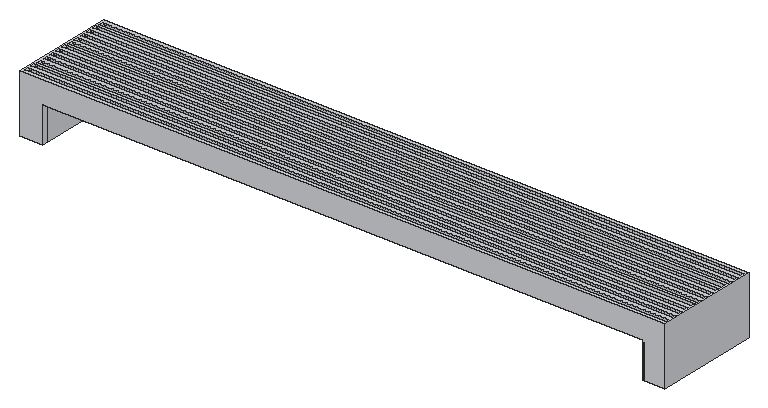
Revit family "SP14", category Mechanical Equipment, Revit 2017
Family settings
  Round Connector Dimension = Use Diameter
  Part Type = Normal
  OmniClass Number = 23.75.00.00
  OmniClass Title = Climate Control (HVAC)
  Work Plane-Based = No
  Always vertical = Yes
  Cut with Voids When Loaded = No
  Shared = No
  Room Calculation Point = No
Parameters
  Width = 323 mm
  Length = 2000 mm
  Leg height = 180 mm
  Height = 180 mm
Reference planes
  plane 1 "Center (Front/Back)": y = 0
  plane 2: z = 0
  plane 3 "Center (Left/Right)": x = 0
  plane 4: x = 0
  plane 5: x = -1000
  plane 6: x = 1000
  plane 7: x = -995
  plane 8: x = -980
  plane 9: x = 995
  plane 10: x = 980
  plane 11: x = 997
  plane 12: x = -997
  plane 13: z = 180
  plane 14: z = 165
  plane 15: z = 125
  plane 16: z = 110
  plane 17: y = -3
  plane 18: y = -323
  plane 19: y = -320
  plane 20: y = -305
  plane 21: y = -18
  plane 22: x = -930
  plane 23: x = 930
  plane 24: x = -933
  plane 25: x = 933
  plane 26 "Center": y = -161.5
Forms (mm)
  Extrusion 1, solid
    sketch origin (0, 0, 0) x (1, 0, 0) y (0, 0, 1)
      loop
        line (-1000, 180) -> (-1000, 110) -> (-995, 110) -> (-980, 125) -> (-980, 165) -> (-995, 180) -> (-1000, 180)
      loop
        line (1000, 180) -> (995, 180) -> (980, 165) -> (980, 125) -> (995, 110) -> (1000, 110) -> (1000, 180)
    from 0 to 323
  Extrusion 2, solid
    sketch origin (0, 0, 0) x (1, 0, 0) y (0, 1, 0)
      loop
        line (930, -18) -> (933, -18) -> (933, -3) -> (997, -3) -> (997, -320) -> (933, -320) -> (933, -305) -> (930, -305) -> (930, -323) -> (1000, -323) -> (1000, 0) -> (930, 0) -> (930, -18)
      loop
        line (-930, -18) -> (-930, 0) -> (-1000, 0) -> (-1000, -323) -> (-930, -323) -> (-930, -305) -> (-933, -305) -> (-933, -320) -> (-997, -320) -> (-997, -3) -> (-933, -3) -> (-933, -18) -> (-930, -18)
    from 0 to 110
  Extrusion 3, solid
    sketch origin (0, 0, 0) x (1, 0, 0) y (0, 1, 0)
      loop
        line (-995, 0) -> (-995, -11) -> (995, -11) -> (995, 0) -> (-995, 0)
    from 110 to 180
  Extrusion 4, solid
    sketch origin (0, -24, 0) x (1, 0, 0) y (0, 1, 0)
      loop
        line (-995, 0) -> (-995, -11) -> (995, -11) -> (995, 0) -> (-995, 0)
    from 110 to 180
  Extrusion 5, solid
    sketch origin (0, -48, 0) x (1, 0, 0) y (0, 1, 0)
      loop
        line (-995, 0) -> (-995, -11) -> (995, -11) -> (995, 0) -> (-995, 0)
    from 110 to 180
  Extrusion 6, solid
    sketch origin (0, -72, 0) x (1, 0, 0) y (0, 1, 0)
      loop
        line (-995, 0) -> (-995, -11) -> (995, -11) -> (995, 0) -> (-995, 0)
    from 110 to 180
  Extrusion 7, solid
    sketch origin (0, -96, 0) x (1, 0, 0) y (0, 1, 0)
      loop
        line (-995, 0) -> (-995, -11) -> (995, -11) -> (995, 0) -> (-995, 0)
    from 110 to 180
  Extrusion 8, solid
    sketch origin (0, -120, 0) x (1, 0, 0) y (0, 1, 0)
      loop
        line (-995, 0) -> (-995, -11) -> (995, -11) -> (995, 0) -> (-995, 0)
    from 110 to 180
  Extrusion 9, solid
    sketch origin (0, -144, 0) x (1, 0, 0) y (0, 1, 0)
      loop
        line (-995, 0) -> (-995, -11) -> (995, -11) -> (995, 0) -> (-995, 0)
    from 110 to 180
  Extrusion 10, solid
    sketch origin (0, -168, 0) x (1, 0, 0) y (0, 1, 0)
      loop
        line (-995, 0) -> (-995, -11) -> (995, -11) -> (995, 0) -> (-995, 0)
    from 110 to 180
  Extrusion 11, solid
    sketch origin (0, -192, 0) x (1, 0, 0) y (0, 1, 0)
      loop
        line (-995, 0) -> (-995, -11) -> (995, -11) -> (995, 0) -> (-995, 0)
    from 110 to 180
  Extrusion 12, solid
    sketch origin (0, -216, 0) x (1, 0, 0) y (0, 1, 0)
      loop
        line (-995, 0) -> (-995, -11) -> (995, -11) -> (995, 0) -> (-995, 0)
    from 110 to 180
  Extrusion 13, solid
    sketch origin (0, -240, 0) x (1, 0, 0) y (0, 1, 0)
      loop
        line (-995, 0) -> (-995, -11) -> (995, -11) -> (995, 0) -> (-995, 0)
    from 110 to 180
  Extrusion 14, solid
    sketch origin (0, -264, 0) x (1, 0, 0) y (0, 1, 0)
      loop
        line (-995, 0) -> (-995, -11) -> (995, -11) -> (995, 0) -> (-995, 0)
    from 110 to 180
  Extrusion 15, solid
    sketch origin (0, -288, 0) x (1, 0, 0) y (0, 1, 0)
      loop
        line (-995, 0) -> (-995, -11) -> (995, -11) -> (995, 0) -> (-995, 0)
    from 110 to 180
  Extrusion 16, solid
    sketch origin (0, -312, 0) x (1, 0, 0) y (0, 1, 0)
      loop
        line (-995, 0) -> (-995, -11) -> (995, -11) -> (995, 0) -> (-995, 0)
    from 110 to 180
  Extrusion 17, solid
    sketch origin (0, 0, 0) x (1, 0, 0) y (0, 1, 0)
      loop
        circle (-953, -53.5) r 10.5
      loop
        circle (-953, -269.5) r 10.5
      loop
        circle (953, -53.5) r 10.5
      loop
        circle (953, -269.5) r 10.5
    from 95 to 110
  Extrusion 18, solid
    sketch origin (0, 0, 0) x (1, 0, 0) y (0, 1, 0)
      loop
        line (-933, -18) -> (-933, -305) -> (-930, -305) -> (-930, -18) -> (-933, -18)
      loop
        line (933, -18) -> (930, -18) -> (930, -305) -> (933, -305) -> (933, -18)
    from 0 to 110
Cuts and joins
  joined: Extrusion 1, Extrusion 2, Extrusion 3, Extrusion 4, Extrusion 5, Extrusion 6, Extrusion 7, Extrusion 8, Extrusion 9, Extrusion 10, Extrusion 11, Extrusion 12, Extrusion 13, Extrusion 14, Extrusion 15, Extrusion 16
Dimensions and locks
  equal spacing: plane 5, plane 4, plane 6
  "Length": plane 5 to plane 6
  locked: plane 7 to plane 8 at 15
  locked: plane 5 to plane 7 at 5
  locked: plane 9 to plane 10 at 15
  locked: plane 6 to plane 9 at 5
  locked: plane 11 to plane 6 at 3
  locked: plane 5 to plane 12 at 3
  "Height": plane 13 to level
  locked: plane 13 to plane 14 at 15
  locked: plane 13 to plane 16 at 70
  locked: plane 15 to plane 16 at 15
  "Width": plane 18 to plane 1 "Center (Front/Back)"
  locked: plane 23 to plane 6 at 70
  locked: plane 17 to plane 1 "Center (Front/Back)" at 3
  locked: plane 19 to plane 18 at 3
  locked: plane 21 to plane 1 "Center (Front/Back)" at 18
  locked: plane 20 to plane 18 at 18
  locked: plane 24 to plane 22 at 3
  locked: plane 23 to plane 25 at 3
  Extrusion 3 sketch curve to Extrusion 3 sketch curve = 11 mm
  Extrusion 4 sketch curve to Extrusion 4 sketch curve = 11 mm
  Extrusion 5 sketch curve to Extrusion 5 sketch curve = 11 mm
  Extrusion 6 sketch curve to Extrusion 6 sketch curve = 11 mm
  Extrusion 7 sketch curve to Extrusion 7 sketch curve = 11 mm
  Extrusion 8 sketch curve to Extrusion 8 sketch curve = 11 mm
  Extrusion 9 sketch curve to Extrusion 9 sketch curve = 11 mm
  Extrusion 10 sketch curve to Extrusion 10 sketch curve = 11 mm
  Extrusion 11 sketch curve to Extrusion 11 sketch curve = 11 mm
  Extrusion 12 sketch curve to Extrusion 12 sketch curve = 11 mm
  Extrusion 13 sketch curve to Extrusion 13 sketch curve = 11 mm
  Extrusion 14 sketch curve to Extrusion 14 sketch curve = 11 mm
  Extrusion 15 sketch curve to Extrusion 15 sketch curve = 11 mm
  Extrusion 16 sketch curve to Extrusion 16 sketch curve = 11 mm
  locked: plane 5 to plane 22 at 70
  equal spacing: plane 18, plane 26 "Center", plane 1 "Center (Front/Back)"
  Extrusion 17 sketch curve to plane 1 "Center (Front/Back)" = 53.5 mm
  Extrusion 17 sketch curve to plane 18 = 53.5 mm
  locked: plane 5 to Extrusion 17 sketch curve at 47  (x2)
  locked: Extrusion 17 sketch curve to plane 1 "Center (Front/Back)" at 53.5
  locked: Extrusion 17 sketch curve to plane 18 at 53.5
  locked: Extrusion 17 sketch curve to plane 6 at 47  (x2)
  locked: plane 16 to Extrusion 17 at 15
  locked: Extrusion 3 to Extrusion 3 at 11
  locked: Extrusion 4 to Extrusion 3 at 13
  plane 21 to Extrusion 4 to Extrusion 4 = 6 mm locked, 11 mm locked
  locked: Extrusion 5 to Extrusion 4 at 13
  locked: Extrusion 5 to Extrusion 5 at 11
  locked: Extrusion 6 to Extrusion 5 at 13
  locked: Extrusion 6 to Extrusion 6 at 11
  locked: Extrusion 7 to Extrusion 6 at 13
  locked: Extrusion 7 to Extrusion 7 at 11
  locked: Extrusion 8 to Extrusion 7 at 13
  locked: Extrusion 8 to Extrusion 8 at 11
  locked: Extrusion 9 to Extrusion 8 at 13
  locked: Extrusion 9 to Extrusion 9 at 11
  locked: Extrusion 10 to Extrusion 9 at 13
  locked: Extrusion 10 to Extrusion 10 at 11
  locked: Extrusion 11 to Extrusion 10 at 13
  locked: Extrusion 11 to Extrusion 11 at 11
  locked: Extrusion 12 to Extrusion 11 at 13
  locked: Extrusion 12 to Extrusion 12 at 11
  locked: Extrusion 13 to Extrusion 12 at 13
  locked: Extrusion 13 to Extrusion 13 at 11
  locked: Extrusion 14 to Extrusion 13 at 13
  locked: Extrusion 14 to Extrusion 14 at 11
  locked: Extrusion 15 to Extrusion 14 at 13
  locked: Extrusion 15 to Extrusion 15 at 11
  locked: Extrusion 16 to Extrusion 15 at 13
  locked: Extrusion 16 to Extrusion 16 at 11
  aligned and locked: level to plane 2
  aligned and locked: plane 5 to Extrusion 1 sketch curve
  aligned and locked: Extrusion 1 sketch curve to plane 8
  aligned and locked: plane 16 to Extrusion 1 sketch curve
  aligned and locked: Extrusion 1 sketch curve to plane 13
  aligned and locked: Extrusion 1 sketch curve to plane 6
  aligned and locked: plane 13 to Extrusion 1 sketch curve
  aligned and locked: plane 10 to Extrusion 1 sketch curve
  aligned and locked: Extrusion 1 sketch curve to plane 16
  aligned and locked: plane 17 to Extrusion 2 sketch curve
  aligned and locked: Extrusion 2 sketch curve to plane 25  (x2)
  aligned and locked: plane 21 to Extrusion 2 sketch curve
  aligned and locked: plane 23 to Extrusion 2 sketch curve  (x2)
  aligned and locked: plane 1 "Center (Front/Back)" to Extrusion 2 sketch curve
  aligned and locked: plane 11 to Extrusion 2 sketch curve
  aligned and locked: plane 6 to Extrusion 2 sketch curve
  aligned and locked: Extrusion 2 sketch curve to plane 19
  aligned and locked: Extrusion 2 sketch curve to plane 20
  aligned and locked: plane 18 to Extrusion 2 sketch curve
  aligned and locked: plane 22 to Extrusion 2 sketch curve  (x2)
  aligned and locked: Extrusion 2 sketch curve to plane 24  (x2)
  aligned and locked: Extrusion 2 sketch curve to plane 21
  aligned and locked: Extrusion 2 sketch curve to plane 1 "Center (Front/Back)"
  aligned and locked: Extrusion 2 sketch curve to plane 17
  aligned and locked: plane 20 to Extrusion 2 sketch curve
  aligned and locked: Extrusion 2 sketch curve to plane 18
  aligned and locked: plane 19 to Extrusion 2 sketch curve
  aligned and locked: Extrusion 2 sketch curve to plane 12
  aligned and locked: Extrusion 2 sketch curve to plane 5
  aligned and locked: plane 16 to Extrusion 2
  aligned and locked: plane 13 to Extrusion 3
  aligned and locked: Extrusion 3 to plane 16
  aligned and locked: Extrusion 16 to plane 9
  aligned and locked: Extrusion 15 to plane 9
  aligned and locked: Extrusion 14 to plane 9
  aligned and locked: Extrusion 13 to plane 9
  aligned and locked: Extrusion 12 to plane 9
  aligned and locked: Extrusion 11 to plane 9
  aligned and locked: Extrusion 10 to plane 9
  aligned and locked: Extrusion 9 to plane 9
  aligned and locked: Extrusion 8 to plane 9
  aligned and locked: Extrusion 7 to plane 9
  aligned and locked: Extrusion 6 to plane 9
  aligned and locked: Extrusion 5 to plane 9
  aligned and locked: Extrusion 4 to plane 9
  aligned and locked: Extrusion 3 to plane 9
  aligned and locked: plane 16 to Extrusion 17
  aligned and locked: plane 13 to Extrusion 16
  aligned and locked: plane 13 to Extrusion 15
  aligned and locked: plane 13 to Extrusion 14
  aligned and locked: plane 13 to Extrusion 13
  aligned and locked: plane 13 to Extrusion 12
  aligned and locked: plane 13 to Extrusion 11
  aligned and locked: plane 13 to Extrusion 10
  aligned and locked: plane 13 to Extrusion 9
  aligned and locked: plane 13 to Extrusion 8
  aligned and locked: plane 13 to Extrusion 7
  aligned and locked: plane 13 to Extrusion 6
  aligned and locked: plane 13 to Extrusion 5
  aligned and locked: plane 13 to Extrusion 4
  aligned and locked: Extrusion 16 to plane 16
  aligned and locked: Extrusion 15 to plane 16
  aligned and locked: Extrusion 14 to plane 16
  aligned and locked: Extrusion 13 to plane 16
  aligned and locked: Extrusion 12 to plane 16
  aligned and locked: Extrusion 11 to plane 16
  aligned and locked: Extrusion 10 to plane 16
  aligned and locked: Extrusion 9 to plane 16
  aligned and locked: Extrusion 8 to plane 16
  aligned and locked: Extrusion 7 to plane 16
  aligned and locked: Extrusion 6 to plane 16
  aligned and locked: Extrusion 5 to plane 16
  aligned and locked: Extrusion 4 to plane 16
  aligned and locked: Extrusion 1 to plane 18
  aligned and locked: Extrusion 18 sketch curve to plane 21
  aligned and locked: plane 24 to Extrusion 18 sketch curve
  aligned and locked: Extrusion 18 sketch curve to plane 22
  aligned and locked: plane 20 to Extrusion 18 sketch curve
  aligned and locked: plane 21 to Extrusion 18 sketch curve
  aligned and locked: Extrusion 2 to Extrusion 18 sketch curve
  aligned and locked: plane 25 to Extrusion 18 sketch curve
  aligned and locked: Extrusion 18 sketch curve to plane 20
  aligned and locked: plane 16 to Extrusion 18
Automatic sketch dimensions
  Extrusion 1 sketch curve to plane 7 = 0 mm  (x2)
  plane 9 to Extrusion 1 sketch curve = 0 mm  (x2)
  Extrusion 1 sketch curve to plane 15 = 0 mm  (x2)
  Extrusion 1 sketch curve to plane 14 = 0 mm  (x2)
  Extrusion 3 sketch curve to Extrusion 3 sketch curve = 1990 mm
  Extrusion 4 sketch curve to Extrusion 4 sketch curve = 1990 mm
  Extrusion 5 sketch curve to Extrusion 5 sketch curve = 1990 mm
  Extrusion 6 sketch curve to Extrusion 6 sketch curve = 1990 mm
  Extrusion 7 sketch curve to Extrusion 7 sketch curve = 1990 mm
  Extrusion 8 sketch curve to Extrusion 8 sketch curve = 1990 mm
  Extrusion 9 sketch curve to Extrusion 9 sketch curve = 1990 mm
  Extrusion 10 sketch curve to Extrusion 10 sketch curve = 1990 mm
  Extrusion 11 sketch curve to Extrusion 11 sketch curve = 1990 mm
  Extrusion 12 sketch curve to Extrusion 12 sketch curve = 1990 mm
  Extrusion 13 sketch curve to Extrusion 13 sketch curve = 1990 mm
  Extrusion 14 sketch curve to Extrusion 14 sketch curve = 1990 mm
  Extrusion 15 sketch curve to Extrusion 15 sketch curve = 1990 mm
  Extrusion 16 sketch curve to Extrusion 16 sketch curve = 1990 mm
  plane 1 "Center (Front/Back)" to Extrusion 3 sketch curve = 0 mm
  Extrusion 3 sketch curve to plane 7 = 0 mm
  Extrusion 4 sketch curve to plane 7 = 0 mm
  Extrusion 4 sketch curve to plane 21 = 17 mm
  Extrusion 5 sketch curve to plane 7 = 0 mm
  Extrusion 5 sketch curve to plane 21 = 41 mm
  Extrusion 6 sketch curve to plane 7 = 0 mm
  Extrusion 6 sketch curve to plane 21 = 65 mm
  Extrusion 7 sketch curve to plane 7 = 0 mm
  Extrusion 7 sketch curve to plane 21 = 89 mm
  Extrusion 8 sketch curve to plane 7 = 0 mm
  Extrusion 8 sketch curve to plane 21 = 113 mm
  Extrusion 9 sketch curve to plane 7 = 0 mm
  Extrusion 9 sketch curve to plane 21 = 137 mm
  Extrusion 10 sketch curve to plane 7 = 0 mm
  plane 20 to Extrusion 10 sketch curve = 126 mm
  Extrusion 11 sketch curve to plane 7 = 0 mm
  plane 20 to Extrusion 11 sketch curve = 102 mm
  Extrusion 12 sketch curve to plane 7 = 0 mm
  plane 20 to Extrusion 12 sketch curve = 78 mm
  Extrusion 13 sketch curve to plane 7 = 0 mm
  plane 20 to Extrusion 13 sketch curve = 54 mm
  Extrusion 14 sketch curve to plane 7 = 0 mm
  plane 20 to Extrusion 14 sketch curve = 30 mm
  Extrusion 15 sketch curve to plane 7 = 0 mm
  plane 20 to Extrusion 15 sketch curve = 6 mm
  Extrusion 16 sketch curve to plane 7 = 0 mm
  Extrusion 16 sketch curve to plane 18 = 0 mm
  radius of Extrusion 17 sketch curve = 10.5 mm  (x4)
